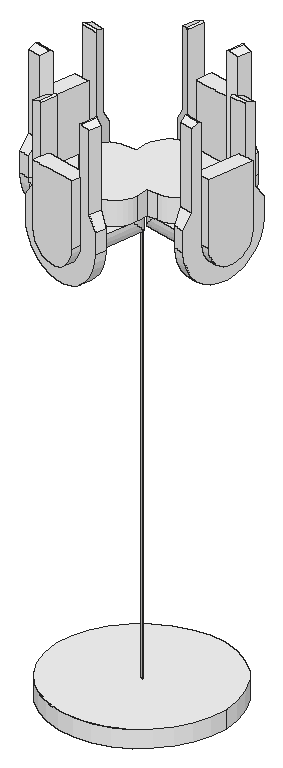
Revit family "Lighting-Linear-Ledalite-Modifly-Quad_Link NEW", category Lighting Fixtures, host Face, Revit 2017
Family settings
  Host = Face
  Round Connector Dimension = Use Diameter
  Part Type = Normal
  OmniClass Number = 23.80.70.11
  OmniClass Title = Luminaries for Internal Lighting
  Cut with Voids When Loaded = No
  Light Source = No
  Shared = No
  Room Calculation Point = No
Parameters (values of type "Quad-Link")
  eCatalog URL = "www.ledalite.com"
  Width = 0' - 2 59/128"  # constant formula
  Wattage Comments = ""
  Voltage Comments = "UNV120-277V, Low Voltage 48-54V DC, 347V"  # constant formula
  Voltage = 120 V
  Version = "2017 v1.0a"
  URL = "https://www.signify.com/en-us"
  Product Page URL = "http://www.lightingproducts.signify.com/search-tool.html#!q=LIMF0S"
  Product Family = "ModiFly Articulating Links"  # constant formula
  Product Documentation Link = "Contact Signify for Product Documentation"
  Power Factor = 1
  Phase = 1
  Number of Poles = 1
  Mounting Method = "Tamper-resistant aircraft cable gripper provides unlimited vertical adjustment.\r\nAircraft cable, crimp and cable gripper are independently tested to meet stringent safety requirements."  # constant formula
  Model = "Quad-Link"  # constant formula
  Material = ""
  Manufacturer = "Ledalite"  # constant formula
  Load Classification = Lighting
  Length = 0' - 3 41/256"  # constant formula
  Last Updated = "4.11.19"
  Lamp = "N/A"
  Height = 0' - 4 123/256"  # constant formula
  Generation = "N/A"  # constant formula
  Frequency = 60 Hz
  Fixture Material Finish = Plastic-Signify-White
  Fixture Angle 4 [instance] = 10.00°
  Fixture Angle 3 [instance] = 10.00°
  Fixture Angle 2 [instance] = 10.00°
  Fixture Angle 1 [instance] = 10.00°
  Driver Comment = "Contact Signify for Driver Options"
  Driver = "N/A"
  Distance From Ceiling Note [instance] = "Maximum Suspension 144\""  # constant formula
  Distance From Ceiling [instance] = 1' - 0"
  Description = "ModiFly Articulating Links"  # constant formula
  Default Elevation = 0' - 0"
  Copyright = "©2018-2019 Signify Holding. All rights reserved."  # constant formula
  Catalog Number = "Quad-Link"  # constant formula
  built-in parameter 1140040 [instance] = 1
  Cable Material Finish = Steel-Signify-Galvanized
  C F Angle 4 [instance] = if(Fixture Angle 4 > 60.00°, 60.00°, if(Fixture Angle 4 < -60.00°, -60.00°, Fixture Angle 4))  # 10.00°
  C F Angle 3 [instance] = if(Fixture Angle 3 > 60.00°, 60.00°, if(Fixture Angle 3 < -60.00°, -60.00°, Fixture Angle 3))  # 10.00°
  C F Angle 2 [instance] = if(Fixture Angle 2 > 60.00°, 60.00°, if(Fixture Angle 2 < -60.00°, -60.00°, Fixture Angle 2))  # 10.00°
  C F Angle 1 [instance] = if(Fixture Angle 1 > 60.00°, 60.00°, if(Fixture Angle 1 < -60.00°, -60.00°, Fixture Angle 1))  # 10.00°
  C Distance From Ceiling [instance] = if(Distance From Ceiling > 12' 0", 12' 0", Distance From Ceiling)  # 1' - 0"
  Available Finishes = "Standard White, Halo Gold, Silver Nova, Venom Black, Titanium Silver, Black, Custom"  # constant formula
  Apparent Load = 0 W
Reference planes (in)
  plane 1 "Center (Front/Back)": y = 1
  plane 2 "1": z = 0
  plane 3 "Center (Left/Right)": x = 0
  plane 4: y = 2
  plane 5: y = 0
  plane 6 "T": z = 13.22887
  plane 7: z = 0.5
  plane 8: z = 13.90696
  plane 9: x = -1
  plane 10: x = 1
  plane 11: z = 12.55078
  plane 12: z = 12
Forms (in)
  Extrusion 1, solid, material "Steel-Signify-Galvanized" <- "Cable Material Finish"
    sketch origin (0, 0, 0) x (1, 0, 0) y (0, 1, 0)
      loop
        circle (0, 1) r 0.03125
    from 0 to 13.22887
  Extrusion 2, solid, material "Plastic-Signify-White" <- "Fixture Material Finish"
    sketch origin (0, 0, 13.22887) x (-1, 0, 0) y (0, -1, 0)
      loop
        arc (1, -1.67485) -> (1.67485, -1) -> (1, -0.32515) r 0.67485
        line (1, -0.32515) -> (0.67485, -0.32515) -> (0.67485, 0)
        arc (0.67485, 0) -> (0, 0.67485) -> (-0.67485, 0) r 0.67485
        line (-0.67485, 0) -> (-0.67485, -0.32515) -> (-1, -0.32515)
        arc (-1, -0.32515) -> (-1.67485, -1) -> (-1, -1.67485) r 0.67485
        line (-1, -1.67485) -> (-0.67485, -1.67485) -> (-0.67485, -2)
        arc (-0.67485, -2) -> (0, -2.67485) -> (0.67485, -2) r 0.67485
        line (0.67485, -2) -> (0.67485, -1.67485) -> (1, -1.67485)
    from 0 to 0.67809
  Extrusion 3, solid, material "Plastic-Signify-White" <- "Fixture Material Finish", detail levels medium+fine
    sketch origin (0, 0, 0) x (1, 0, 0) y (0, 1, 0)
      loop
        circle (0, 1) r 2.5
    from 0 to 0.5
Lines and regions (in)
  Masking region 1
    outline origin (0, 0, 0) x (1, 0, 0) y (0, 1, 0)
      loop
        arc (-1, 1.67485) -> (-1.67485, 1) -> (-1, 0.32515) r 0.67485
        line (-1, 0.32515) -> (-0.67485, 0.32515) -> (-0.67485, 0)
        arc (-0.67485, 0) -> (0, -0.67485) -> (0.67485, 0) r 0.67485
        line (0.67485, 0) -> (0.67485, 0.32515) -> (1, 0.32515)
        arc (1, 0.32515) -> (1.67485, 1) -> (1, 1.67485) r 0.67485
        line (1, 1.67485) -> (0.67485, 1.67485) -> (0.67485, 2)
        arc (0.67485, 2) -> (0, 2.67485) -> (-0.67485, 2) r 0.67485
        line (-0.67485, 2) -> (-0.67485, 1.67485) -> (-1, 1.67485)
  Masking region 2, detail levels medium+fine
    outline origin (0, 0, 0) x (1, 0, 0) y (0, 1, 0)
      loop
        circle (0, 1) r 2.5
  reference lines
    curve 1: line (1, 1, 13.22887) -> (0.33, -2.79977, 13.22887)
    curve 2: line (1, 1, 13.22887) -> (3.52858, 0.55414, 13.22887)
    curve 3: line (-1, 1, 13.22887) -> (-3.46202, 1.43412, 13.22887)
    curve 4: line (-1, 1, 13.22887) -> (-0.59415, 3.3017, 13.22887)
    curve 5: line (0, 2, 13.22887) -> (0.5349, 5.03357, 13.22887)
    curve 6: line (0, 2, 13.22887) -> (6.89365, 0.78446, 13.22887)
    curve 7: line (0, 0, 13.22887) -> (-0.86824, -4.92404, 13.22887)
    curve 8: line (0, 0, 13.22887) -> (-5.67128, 1, 13.22887)
    curve 9: line (0.28896, 3.63878, 13.22887) -> (7.18262, 2.42324, 13.22887)
    curve 10: line (2.63878, 0.71104, 13.22887) -> (1.96878, -3.08873, 13.22887)
    curve 11: line (-0.28896, -1.63878, 13.22887) -> (-5.96024, -0.63878, 13.22887)
    curve 12: line (-2.63878, 1.28896, 13.22887) -> (-2.23293, 3.59067, 13.22887)
Dimensions and locks (in)
  locked: plane 7 to plane 2 "1" at 0.5
  plane 9 to plane 3 "Center (Left/Right)" to plane 10 = 0' - 1" locked, 0' - 1" locked
  "C Distance From Ceiling": plane 12 to plane 2 "1"
  locked: plane 8 to plane 6 "T" at 0.67809
  locked: plane 6 "T" to plane 11 at 0.67809
  locked: plane 11 to plane 12 at 0.55078
  locked: plane 1 "Center (Front/Back)" to plane 4 at 1
  locked: plane 5 to plane 1 "Center (Front/Back)" at 1
  locked: curve 12 to curve 4 at 1.66406
  locked: curve 9 to curve 6 at 1.66406
  locked: curve 1 to curve 10 at 1.66406
  locked: curve 8 to curve 11 at 1.66406
  diameter of Extrusion 3 sketch curve = 0' - 5"
  locked: curve 4 to curve 3 (angle 90.00°)
  locked: curve 1 to curve 2 (angle 90.00°)
  "C F Angle 1": angle curve 3 to plane 1 "Center (Front/Back)"
  "C F Angle 3": angle curve 2 to plane 1 "Center (Front/Back)"
  locked: curve 6 to curve 5 (angle 90.00°)
  "C F Angle 2": angle curve 5 to plane 3 "Center (Left/Right)"
  locked: curve 8 to curve 7 (angle 90.00°)
  "C F Angle 4": angle curve 7 to plane 3 "Center (Left/Right)"
  locked: curve 11 to curve 7 (angle 90.00°)
  locked: curve 10 to curve 2 (angle 90.00°)
  locked: curve 9 to curve 5 (angle 90.00°)
  locked: curve 12 to curve 3 (angle 90.00°)
  aligned and locked: plane 2 "1" to host face
  aligned and locked: level to host face
  aligned and locked: plane 1 "Center (Front/Back)" to Extrusion 1 sketch curve
  aligned and locked: plane 3 "Center (Left/Right)" to Extrusion 1 sketch curve
  aligned and locked: Extrusion 1 to level
  aligned and locked: plane 6 "T" to Extrusion 1
  aligned and locked: plane 8 to Extrusion 2
  aligned and locked: Extrusion 2 to plane 6 "T"
  aligned and locked: nested 1 to curve 2
  aligned and locked: nested 1 to curve 1
  aligned and locked: nested 2 to curve 4
  aligned and locked: nested 2 to curve 3
  aligned and locked: plane 1 "Center (Front/Back)" to Extrusion 3 sketch curve
  aligned and locked: plane 3 "Center (Left/Right)" to Extrusion 3 sketch curve
  aligned and locked: plane 7 to Extrusion 3
  aligned and locked: Extrusion 3 to plane 2 "1"
  aligned and locked: plane 1 "Center (Front/Back)" to Extrusion 2 sketch curve  (x2)
  aligned and locked: plane 4 to Extrusion 2 sketch curve
  aligned and locked: plane 5 to Extrusion 2 sketch curve
  aligned and locked: plane 10 to Extrusion 2 sketch curve
  aligned and locked: plane 3 "Center (Left/Right)" to Extrusion 2 sketch curve  (x2)
  aligned and locked: plane 9 to Extrusion 2 sketch curve
  aligned and locked: plane 1 "Center (Front/Back)" to Masking region 1 sketch curve  (x2)
  aligned and locked: plane 5 to Masking region 1 sketch curve
  aligned and locked: plane 4 to Masking region 1 sketch curve
  aligned and locked: plane 10 to Masking region 1 sketch curve
  aligned and locked: plane 3 "Center (Left/Right)" to Masking region 1 sketch curve  (x2)
  aligned and locked: plane 9 to Masking region 1 sketch curve
  aligned and locked: plane 4 to curve 6
  aligned and locked: plane 3 "Center (Left/Right)" to curve 6
  aligned and locked: plane 5 to curve 8
  aligned and locked: plane 3 "Center (Left/Right)" to curve 8
  aligned and locked: nested 3 to curve 5
  aligned and locked: nested 3 to curve 6
  aligned and locked: nested 4 to curve 7
  aligned and locked: nested 4 to curve 8
  aligned and locked: plane 1 "Center (Front/Back)" to Masking region 2 sketch curve
  aligned and locked: plane 3 "Center (Left/Right)" to Masking region 2 sketch curve
Automatic sketch dimensions
  host sketch curve to host sketch curve = 8' - 0"  (x2)
  Masking region 1 sketch curve to plane 9 = 0' - 0"
  Masking region 1 sketch curve to plane 4 = 0' - 0"
  plane 5 to Masking region 1 sketch curve = 0' - 0"
  Masking region 1 sketch curve to plane 10 = 0' - 0"
  plane 9 to Masking region 1 sketch curve = 0' - 0.32515"
  Masking region 1 sketch curve to Masking region 1 sketch curve = 0' - 0.32515"  (x3)
  plane 10 to Extrusion 2 sketch curve = 0' - 0.32515"  (x2)
  Extrusion 2 sketch curve to Extrusion 2 sketch curve = 0' - 0.32515"  (x2)
  plane 1 "Center (Front/Back)" to curve 2 = 0' - 0"
  curve 2 to plane 10 = 0' - 0"
  plane 1 "Center (Front/Back)" to curve 4 = 0' - 0"
  curve 4 to plane 9 = 0' - 0"
  radius of Extrusion 1 sketch curve = 0' - 0 1/32"
  radius of Masking region 2 sketch curve = 0' - 2 1/2"
Nested families (in)
  nested 1: "Link Rotate" at (1.17365, 1.98481, 13.22887) x (-0.9848, 0.1736, 0) z (0, 0, -1), type "Not A Type - Load Type Catalog"
    with built-in parameter 1140040 1
  nested 2: "Link Rotate" at (-0.82635, 1.98481, 13.22887) x (0.9848, -0.1736, 0) z (0, 0, -1), type "Not A Type - Load Type Catalog"
    with built-in parameter 1140040 1
  nested 3: "Link Rotate" at (-0.98481, 2.17365, 13.22887) x (-0.1736, -0.9848, 0) z (0, 0, -1), type "Not A Type - Load Type Catalog"
    with built-in parameter 1140040 1
  nested 4: "Link Rotate" at (0.98481, -0.17365, 13.22887) x (0.1736, 0.9848, 0) z (0, 0, -1), type "Not A Type - Load Type Catalog"
    with built-in parameter 1140040 1
Definition of nested family "Link Rotate"
  Parameters (values of type "Not A Type - Load Type Catalog")
    eCatalog URL = ""
    Width = 0' - 2 59/128"  # constant formula
    Wattage Comments = ""
    Version = "2017 v1.0a"
    URL = "https://www.signify.com/en-us"
    Product Page URL = "Contact Signify for Product Documentation"
    Product Family = ""
    Product Documentation Link = "Contact Signify for Product Documentation"
    Model = "Please Load Accompanying Type Catalog (.txt)"
    Material = ""
    Manufacturer = ""
    Load Classification = none
    Length = 0' - 4 21/64"
    Last Updated = ""
    Lamp = ""
    Height = 0' - 4 123/256"  # constant formula
    Generation = ""
    Fixture Material Finish = none
    Description = "Please Load Accompanying Type Catalog (.txt)"
    Default Elevation = 0' - 0"
    Copyright = "©2018-2019 Signify Holding. All rights reserved."  # constant formula
    Catalog Number = "Please Load Accompanying Type Catalog (.txt)"
    built-in parameter 1140040 [instance] = 1
    Apparent Load = 0 W
  Reference planes (in)
    plane 1 "Center (Front/Back)": y = 1
    plane 2 "1": z = 0
    plane 3 "Center (Left/Right)": x = 0
    plane 4: y = 2.23047
    plane 5: y = -0.23047
    plane 6: z = 0
    plane 7: x = -0.44757
    plane 8: x = -1.91406
    plane 9: x = -1.66406
    plane 10: z = -3.25
    plane 11: z = -3.25
    plane 12: z = 0.67809
    plane 13: x = -1.43466
  Forms (in)
    Extrusion 1, solid
      sketch origin (0, 0, 0) x (1, 0, 0) y (0, 1, 0)
        loop
          line (-48, 48) -> (-48, -48) -> (48, -48) -> (48, 48) -> (-48, 48)
      from 0 to -12
    Extrusion 2, void, detail levels medium+fine
      sketch origin (0, 0, 0) x (0, 1, 0) y (0, 0, 1)
        loop
          line (1.97284, -0.95538) -> (1.97284, -3.16593) -> (1.74187, -3.25)
          arc (1.74187, -3.25) -> (1.70139, -3.24646) -> (1.67809, -3.21318) r 0.04807
          line (1.67809, -3.21318) -> (1.67809, -1.81136) -> (0.32191, -1.81136) -> (0.32191, -3.21318)
          arc (0.32191, -3.21318) -> (0.29861, -3.24646) -> (0.25813, -3.25) r 0.04807
          line (0.25813, -3.25) -> (0.02716, -3.16593) -> (0.02716, -0.95538) -> (-0.64818, 0.00912) -> (-0.64818, -3.92811) -> (2.46315, -3.92811) -> (2.46315, -0.25514) -> (1.97284, -0.95538)
      from -2.77611 to 2.22557
    Sweep 3, solid, material <- "Fixture Material Finish", detail levels medium+fine
      path origin (0, 0, 0) x (0, 1, 0) y (0, 0, -1)
        loop
          line (2.23047, 3.31583) -> (2.23047, 0)
          arc (2.23047, 0) -> (1, -1.23047) -> (-0.23047, 0) r 1.23047
          line (-0.23047, 0) -> (-0.23047, 3.31583)
      profile origin (0, 2.23047, -1.65792) x (0, -1, 0) y (1, 0, 0)
        loop
          line (0.55238, -1.16922) -> (0, -1.36614) -> (0, -1.66406) -> (0.55238, -1.66406) -> (0.55238, -1.16922)
    Extrusion 4, solid, material <- "Fixture Material Finish", detail levels medium+fine
      sketch origin (0, 0, 0) x (0, 1, 0) y (0, 0, 1)
        loop
          arc (1.67809, 0) -> (1, 0.67809) -> (0.32191, 0) r 0.67809
          line (0.32191, 0) -> (1.67809, 0)
      from -1.43466 to 0.69757
    Extrusion 5, solid, material <- "Fixture Material Finish", detail levels medium+fine
      sketch origin (0, 0, 0) x (0, 1, 0) y (0, 0, 1)
        loop
          line (1.67809, -1.8125) -> (1.67809, 0)
          arc (1.67809, 0) -> (1, 0.67809) -> (0.32191, 0) r 0.67809
          line (0.32191, 0) -> (0.32191, -1.8125) -> (1.67809, -1.8125)
      from -1.43466 to -1.91406
    Extrusion 6, void, detail levels medium+fine
      sketch origin (0, 0, 0) x (1, 0, 0) y (0, 1, 0)
        loop
          arc (0, 1.67809) -> (0.67809, 1) -> (0, 0.32191) r 0.67809
          line (0, 0.32191) -> (0.83711, 0.32191) -> (0.83711, 1.67809) -> (0, 1.67809)
      from -3.25 to 0.67809
    Extrusion 7, solid, material <- "Fixture Material Finish", detail levels coarse
      sketch origin (0, 0, 0) x (1, 0, 0) y (0, 1, 0)
        loop
          line (-1.91406, 1.67809) -> (-1.91406, 0.32191) -> (0, 0.32191)
          arc (0, 0.32191) -> (0.67809, 1) -> (0, 1.67809) r 0.67809
          line (0, 1.67809) -> (-1.91406, 1.67809)
      from 0 to 0.67809
  Cuts and joins
    Extrusion 2 cuts Sweep 3
    Extrusion 6 cuts Extrusion 4
    joined: Sweep 3, Extrusion 4, Extrusion 5
  Lines and regions (in)
    Masking region 1, detail levels coarse
      outline origin (0, 0, 0) x (1, 0, 0) y (0, 1, 0)
        loop
          line (0, 1.67809) -> (-1.91406, 1.67809) -> (-1.91406, 0.32191) -> (0, 0.32191)
          arc (0, 0.32191) -> (0.67809, 1) -> (0, 1.67809) r 0.67809
    Masking region 2, detail levels medium+fine
      outline origin (0, 0, 0) x (1, 0, 0) y (0, 1, 0)
        loop
          line (-1.91406, 1.67809) -> (-1.91406, 0.32191) -> (-1.66406, 0.32191) -> (-1.66406, -0.23047) -> (-1.36614, -0.23047) -> (-1.16922, 0.32191) -> (0, 0.32191)
          arc (0, 0.32191) -> (0.67809, 1) -> (0, 1.67809) r 0.67809
          line (0, 1.67809) -> (-1.16922, 1.67809) -> (-1.36614, 2.23047) -> (-1.66406, 2.23047) -> (-1.66406, 1.67809) -> (-1.91406, 1.67809)
    symbolic lines, detail levels fine
      curve 1: line (-1.66406, 1.67809, 0) -> (-1.66406, 0.32191, 0)
      curve 2: line (-1.36614, -0.23047, 0) -> (-1.36614, 2.23047, 0)
      curve 3: line (-1.16916, 0.32209, 0) -> (-1.16916, 1.67809, 0)
  Dimensions and locks (in)
    equal spacing: plane 5, plane 1 "Center (Front/Back)", plane 4
    "Width": plane 4 to plane 5
    locked: plane 6 to plane 2 "1"
    locked: plane 8 to plane 9 at 0.25
    plane 8 to plane 3 "Center (Left/Right)" = 0' - 1 117/128"
    locked: plane 10 to plane 11
    Sweep 3 sketch curve to Sweep 3 sketch curve to Sweep 3 sketch curve = 0' - 0" locked, 0' - 0" locked
    Sweep 3 sketch curve to Sweep 3 sketch curve to plane 11 = 0' - 0" locked, 0' - 0.06583" locked
    locked: plane 13 to plane 9 at 0.2294
    aligned and locked: plane 2 "1" to Extrusion 1
    aligned and locked: level to Extrusion 1
    aligned and locked: cut or joined group of Extrusion 2, Sweep 3, Extrusion 4, Extrusion 5, Extrusion 6 to plane 8
    aligned and locked: plane 13 to cut or joined group of Extrusion 2, Sweep 3, Extrusion 4, Extrusion 5, Extrusion 6
    aligned and locked: cut or joined group of Extrusion 2, Sweep 3, Extrusion 4, Extrusion 5, Extrusion 6 to plane 13
    aligned and locked: plane 10 to Extrusion 6
    aligned and locked: Extrusion 6 to plane 12
    aligned and locked: Extrusion 7 to plane 12
    aligned and locked: Extrusion 7 to plane 6
    aligned and locked: plane 1 "Center (Front/Back)" to Masking region 1 sketch curve
  Automatic sketch dimensions
    Extrusion 1 sketch curve to Extrusion 1 sketch curve = 8' - 0"  (x2)
    plane 10 to Extrusion 2 sketch curve = 0' - 0"  (x2)
    plane 5 to Extrusion 2 sketch curve = 0' - 0.41771"
    Extrusion 2 sketch curve to plane 10 = 0' - 0.08407"  (x2)
    Extrusion 2 sketch curve to plane 5 = 0' - 0.25763"
    Extrusion 2 sketch curve to Extrusion 2 sketch curve = 0' - 0.23097"  (x2)
    Extrusion 2 sketch curve to Extrusion 2 sketch curve = 0' - 0.01644"  (x2)
    Extrusion 2 sketch curve to plane 10 = 0' - 0.03682"  (x2)
    Extrusion 2 sketch curve to Extrusion 2 sketch curve = 0' - 0.04734"  (x2)
    Extrusion 2 sketch curve to plane 4 = 0' - 0.55238"
    plane 4 to Extrusion 2 sketch curve = 0' - 0.23268"
    plane 10 to Extrusion 2 sketch curve = 0' - 0.67811"
    Extrusion 2 sketch curve to Extrusion 2 sketch curve = 0' - 1.35458"
    Extrusion 2 sketch curve to Extrusion 2 sketch curve = 0' - 0.85598"  (x2)
    Extrusion 2 sketch curve to Extrusion 2 sketch curve = 0' - 0.70024"
    plane 12 to Extrusion 2 sketch curve = 0' - 0.66897"
    Sweep 3 sketch curve to plane 5 = 0' - 0"
    Sweep 3 sketch curve to plane 1 "Center (Front/Back)" = 0' - 0"
    Sweep 3 sketch curve to plane 12 = 0' - 0.67809"
    Sweep 3 sketch curve to profile plane = 0' - 0"
    Sweep 3 sketch curve to profile plane = 0' - 0.55238"
    Sweep 3 sketch curve to plane 3 "Center (Left/Right)" = 0' - 1 85/128"
    Sweep 3 sketch curve to Sweep 3 sketch curve = 0' - 0.29793"
    Sweep 3 sketch curve to Sweep 3 sketch curve = 0' - 0.49484"
    Extrusion 5 sketch curve to plane 1 "Center (Front/Back)" = 0' - 0"
    plane 5 to Extrusion 5 sketch curve = 0' - 0.55238"
    Extrusion 5 sketch curve to plane 12 = 0' - 0.67809"
    plane 10 to Extrusion 5 sketch curve = 0' - 1 7/16"
    Extrusion 6 sketch curve to plane 3 "Center (Left/Right)" = 0' - 0"  (x3)
    plane 1 "Center (Front/Back)" to Extrusion 6 sketch curve = 0' - 0"
    plane 3 "Center (Left/Right)" to Extrusion 6 sketch curve = 0' - 0.83711"
    Extrusion 6 sketch curve to plane 5 = 0' - 0.55238"
    Extrusion 6 sketch curve to Extrusion 6 sketch curve = 0' - 0"
    Extrusion 4 sketch curve to level = 0' - 0"
    Extrusion 4 sketch curve to plane 1 "Center (Front/Back)" = 0' - 0"
    plane 5 to Extrusion 4 sketch curve = 0' - 0.55238"
    Extrusion 7 sketch curve to plane 8 = 0' - 0"
    Extrusion 7 sketch curve to plane 3 "Center (Left/Right)" = 0' - 0"
    plane 1 "Center (Front/Back)" to Extrusion 7 sketch curve = 0' - 0"
    Extrusion 7 sketch curve to plane 5 = 0' - 0.55238"
    Masking region 1 sketch curve to plane 8 = 0' - 0"
    Masking region 1 sketch curve to plane 3 "Center (Left/Right)" = 0' - 0"
    Masking region 1 sketch curve to plane 5 = 0' - 0.55238"
    Masking region 2 sketch curve to plane 8 = 0' - 0"
    Masking region 2 sketch curve to plane 4 = 0' - 0"
    Masking region 2 sketch curve to plane 9 = 0' - 0"  (x2)
    plane 5 to Masking region 2 sketch curve = 0' - 0"
    plane 1 "Center (Front/Back)" to Masking region 2 sketch curve = 0' - 0"
    Masking region 2 sketch curve to plane 3 "Center (Left/Right)" = 0' - 0"
    plane 13 to Masking region 2 sketch curve = 0' - 0.06852"  (x2)
    plane 13 to Masking region 2 sketch curve = 0' - 0.26544"  (x2)
    Masking region 2 sketch curve to plane 5 = 0' - 0.55238"
    Masking region 2 sketch curve to Masking region 2 sketch curve = 0' - 0"  (x2)
    curve 1 to plane 9 = 0' - 0"
    curve 2 to plane 4 = 0' - 0"
    plane 5 to curve 2 = 0' - 0"
    plane 13 to curve 2 = 0' - 0.06852"
    plane 13 to curve 3 = 0' - 0.2655"
    curve 1 to plane 5 = 0' - 0.55238"
    curve 1 to curve 3 = 0' - 0.00018"
    curve 3 to plane 4 = 0' - 0.55238"
    curve 1 to curve 3 = 0' - 0"
